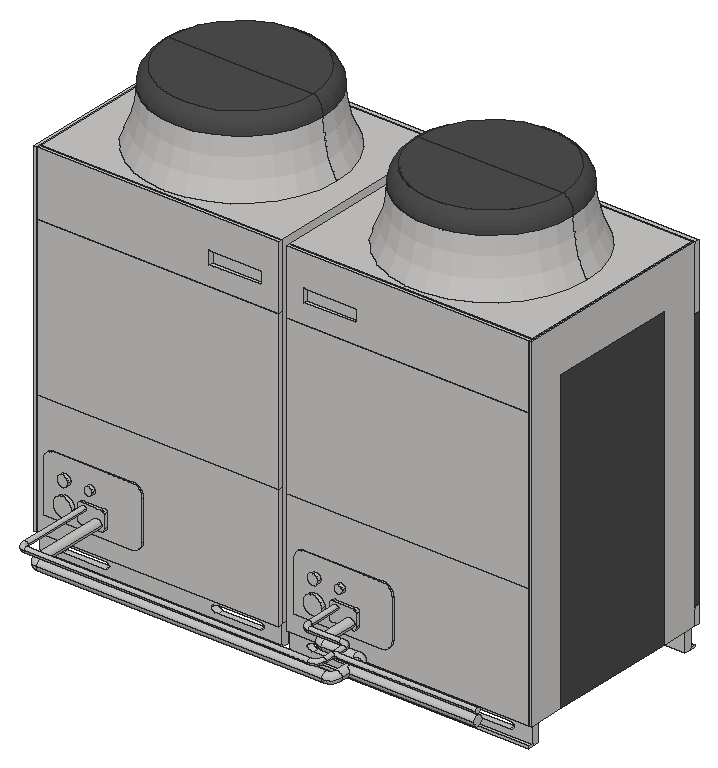
Revit family
Parameters (values of type "PUHY-P144TSHMU-A")
  Outdoor Unit2-Width = 920.000 mm
  Outdoor Unit1-Width = 920.000 mm
  URL = ""
  Type Comments = "2xPUHY-P72THMU-A "
  Subcategory = "HVAC"  # constant formula
  Specification URL = "http://www.mrslim.com/customerCare/resources.asp"
  Sound Pressure Levels (dB(A)) = "61"
  SmartBIM Object Version = 3  # constant formula
  SmartBIM Object Created By = "Reed Construction Data"  # constant formula
  Refrigerant Type = "R410A"  # constant formula
  Refrigerant Charge = "2x19lbs 13oz"
  Refrigerant Service Valve (Liquid) Radius = 28.600 mm
  Refrigerant Service Valve (Gas) Radius = 12.700 mm
  Manufacturer URL = "http://www.mrslim.com/customerCare/resources.asp"
  Installation URL = "http://www.mrslim.com/customerCare/resources.asp"
  Heating Capacity (BTU) = "160000"
  External Material = Pre-coated Galvanized-steel Sheets
  Cooling Capacity (BTU) = "144000"
  Inverter Protection Device = "Overheat / Overcurrent Protection"  # constant formula
  High-pressure Protection Device = "601 psi / 4.15 MPa"  # constant formula
  Fan Direct-drive Inverter Motor Output = "0.92kW"  # constant formula
  Fan Compressor Operating Range = "9% to 100%"  # constant formula
  Description = "T/YHMU Outdoor Units"  # constant formula
  Compressor / Fan Protection Device = "Overheat Protection / Thermal Switch"  # constant formula
  Power Supply Unit = 15.000 mm
  Power Source = "208/230, 3, 60"
  Heating Power Input = "14.73 kW"
  Cooling Power Input = "14.11 kW"
  Unit Weight (LBS) = "2x441"
  Refrigerant Pipe diameter (Gas) = "1-1/8"
  Refrigerant Pipe diameter (Liquid) = "1/2\""
  Model = "PUHY-P144TSHMU-A"
  Manufacturer = "Mitsubishi Electric"  # constant formula
  Lubricant = "MEL32"  # constant formula
  Left Air Inlet Width = 500.000 mm
  Left Air Inlet Height = 1000.000 mm
  Indoor Unit Total Capacity = "50 to 130% of ODUs"  # constant formula
  Indoor Unit Model/Quantity = "P06 ~ P96 / 1 to 31"  # constant formula
  Height = 1650.000 mm
  Heating Outdoor = "-4° ~ +60°F (-20° ~ +16°C) WB"  # constant formula
  MCA = "2x23/21"
  MOCP = "2x30/30"
  External Finish = Pre-coated Galvanized-steel Sheets
  Depth = 760.000 mm
  Default Elevation = 1219.200 mm
  Cooling Outdoor = "23° ~ 109°F (-5° ~ +43°C) DB"  # constant formula
  Fan Type x Quantity = "Propeller Fan x 1"  # constant formula
  Heating Current (208/230V) = "45.4 / 41.0 A"
  Cooling Current (208/230V) = "43.5 / 39.3 A"
  Compressor Type = "Inverter scroll hermetic"
  Fan Compressor Motor Output = "6.8 kW"
  Fan Airflow Rate = "7.050 CFM"  # constant formula
  Fan Compressor Crankcase Heater = "0.051 kW"
  Back Air Inlet Width = [Outdoor Unit1-Width] - 220.000 mm  # 700.000 mm
  Back Air Inlet Unit2-Width = 700.000 mm
  Assembly Code = "D3050200"
  Air Outlet Radius = 386.000 mm
  Air Outlet Unit Material = Metal Grille
  Air Inlet Unit Material = Grille
  Air Inlet Radius = 275.000 mm
  Air Inlet Height = 600.000 mm
  Back Air Inlet Height = 1000.000 mm
  95 CSI = "15670"  # constant formula
  04 CSI = "23 81 26"  # constant formula
Types (5, lengths in mm): name | Outdoor Unit2-Width | Outdoor Unit1-Width | Type Comments | Sound Pressure Levels (dB(A)) | Refrigerant Charge | Refrigerant Service Valve (Gas) Radius | Heating Capacity (BTU) | Cooling Capacity (BTU) | Heating Power Input | Cooling Power Input | Unit Weight (LBS) | Refrigerant Pipe diameter (Liquid) | Model | Height | MCA | MOCP | Heating Current (208/230V) | Cooling Current (208/230V) | Fan Compressor Motor Output | Back Air Inlet Width | Back Air Inlet Unit2-Width
  PUHY-P144TSHMU-A | 920.000 | 920.000 | "2xPUHY-P72THMU-A " | "61" | "2x19lbs 13oz" | 12.700 | "160000" | "144000" | "14.73 kW" | "14.11 kW" | "2x441" | "1/2\"" | "PUHY-P144TSHMU-A" | 1650.000 | "2x23/21" | "2x30/30" | "45.4 / 41.0 A" | "43.5 / 39.3 A" | "6.8 kW" | 700.000 | 700.000
  PUHY-P168TSHMU-A | 920.000 | 920.000 | "1xPUHY-P72THMU-A ,1xPUHY-P96THMU-A" | "61" | "2x19lbs 13oz" | 15.900 | "188000" | "168000" | "15.38 kW" | "15.84 kW" | "2x441" | "5/8\"" | "PUHY-P168TSHMU-A" | 1650.000 | "1x23/21,1x35/32" | "1x30/30,1x40/40" | "47.4 / 42.8 A" | "48.8 / 44.1 A" | "5.1 kW" | 700.000 | 720.000
  PUHY-P192TSHMU-A | 920.000 | 1220.000 | "1xPUHY-P72THMU-A,1xPUHY-P120THMU-A" | "62.5" | "1x19lbs 3oz,1x25lbs 6oz" | 15.900 | "200000" | "192000" | "15.38 kW" | "15.84 kW" | "1x441,1x541" | "5/8\"" | "PUHY-P192TSHMU-A" | 1650.000 | "1x23/21,1x38/41" | "1x23/21,1x38/41" | "47.4 / 42.8 A" | "48.8 / 44.1 A" | "5.1 kW" | 1000.000 | 1000.800
  PUHY-P216TSHMU-A | 1220.000 | 920.000 | "1xPUHY-P96THMU-A,1xPUHY-P120THMU-A" | "62.5" | "1x19lbs 3oz,1x25lbs 6oz" | 15.900 | "228000" | "216000" | "19.07 kW" | "20.82 kW" | "1x441,1x541" | "5/8\"" | "PUHY-P216TSHMU-A" | 1574.000 | "1x35/32,1x38/41" | "1x40/40,1x50/50" | "58.8 / 53.1 A" | "64.2 / 58.0 A" | "8.8 kW" | 700.000 | 1000.800
  PUHY-P240TSHMU-A | 1220.000 | 1220.000 | "2xPUHY-P120THMU-A" | "63" | "2x25lbs 6oz" | 15.900 | "240000" | "240000" | "18.42 kW" | "19.09 kW" | "2x541" | "5/8\"" | "PUHY-P240TSHMU-A" | 1574.000 | "2x38/41" | "2x50/50" | "56.8 / 51.3 A" | "58.8 / 53.2 A" | "6.8 kW" | 1000.000 | 1000.800
Reference planes
  plane 1 "Center (Front/Back)": y = 0
  plane 2: z = 0
  plane 3 "Top": z = 1650
  plane 4 "Back": y = 380
  plane 5 "Front": y = -380
  plane 6 "Left": x = 150.038
  plane 7: x = 1070.038
  plane 8: z = 1775.012
  plane 9: z = 1385
  plane 10: z = 78
  plane 11: z = 592.8
  plane 12: z = 1299.8
  plane 13: x = 1100.038
  plane 14 "Right": x = 2020.038
Forms (mm)
  Extrusion 1, solid, material "Pre-coated Galvanized-steel Sheets"
    sketch origin (-460.401, -402.378, 324.3) x (0, 0, -1) y (1, 0, 0)
      loop
        circle (28.271, 1673.147) r 20
      loop
        circle (28.271, 1771.147) r 15
      loop
        circle (116.271, 1673.147) r 34.9
      loop
        line (88.151, 1737.806) -> (135.151, 1737.806)
        arc (135.151, 1737.806) -> (143.99, 1741.467) -> (147.651, 1750.306) r 12.5
        line (147.651, 1750.306) -> (147.651, 1827.306)
        arc (147.651, 1827.306) -> (143.99, 1836.145) -> (135.151, 1839.806) r 12.5
        line (135.151, 1839.806) -> (88.151, 1839.806)
        arc (88.151, 1839.806) -> (79.312, 1836.145) -> (75.651, 1827.306) r 12.5
        line (75.651, 1827.306) -> (75.651, 1750.306)
        arc (75.651, 1750.306) -> (79.312, 1741.467) -> (88.151, 1737.806) r 12.5
    from -1.607 to 11.145
  Sweep 2, solid, material "Pre-coated Galvanized-steel Sheets" <- "External Finish"
    path origin (1222.638, 1.875, 196.98) x (-1, 0, 0) y (0, -1, 0)
      loop
        line (829.54, 415.064) -> (829.54, 690.064)
        arc (829.54, 690.064) -> (822.217, 707.741) -> (804.54, 715.064) r 25
        line (804.54, 715.064) -> (-278.54, 715.064)
        arc (-278.54, 715.064) -> (-296.217, 707.741) -> (-303.54, 690.064) r 25
        line (-303.54, 690.064) -> (-303.54, 590.064)
        arc (-303.54, 590.064) -> (-296.217, 572.386) -> (-278.54, 565.064) r 25
        line (-278.54, 565.064) -> (-156.492, 565.064)
        arc (-156.492, 565.064) -> (-138.814, 557.741) -> (-131.492, 540.064) r 25
        line (-131.492, 540.064) -> (-131.492, 415.064)
    profile origin (393.098, -550.689, 196.98) x (1, 0, 0) y (0, 0, 1)
      loop
        circle (0, 0) r 17.5
  Sweep 3, solid, material "Pre-coated Galvanized-steel Sheets" <- "External Finish"
    path origin (1154.629, -0.647, 213.855) x (-1, 0, 0) y (0, -1, 0)
      loop
        line (811.98, 412.542) -> (811.98, 690.064)
        arc (811.98, 690.064) -> (804.658, 707.741) -> (786.98, 715.064) r 25
        line (786.98, 715.064) -> (-290.133, 715.064)
        arc (-290.133, 715.064) -> (-310.056, 706.811) -> (-318.308, 686.889) r 28.175
        line (-318.308, 686.889) -> (-318.308, 593.239)
        arc (-318.308, 593.239) -> (-310.056, 573.316) -> (-290.133, 565.064) r 28.175
        line (-290.133, 565.064) -> (-171.26, 565.064)
        arc (-171.26, 565.064) -> (-153.582, 557.741) -> (-146.26, 540.064) r 25
        line (-146.26, 540.064) -> (-146.26, 412.542)
    profile origin (342.649, -551.949, 213.855) x (1, 0, 0) y (0, 0, 1)
      loop
        circle (0, 17.656) r 9.5
  Sweep 4, solid, material "Pre-coated Galvanized-steel Sheets" <- "External Finish"
    path origin (0, 0, 0) x (1, 0, 0) y (0, 1, 0)
      loop
        line (1526.177, -639.307) -> (2020.038, -639.307)
    profile origin (1773.108, -639.307, 0) x (0, 1, 0) y (0, 0, 1)
      loop
        circle (0, 196.98) r 17.5
  Sweep 5, solid, material "Pre-coated Galvanized-steel Sheets" <- "External Finish"
    path origin (-62.498, 0, 0) x (1, 0, 0) y (0, 1, 0)
      loop
        line (1527.943, -639.307) -> (2082.536, -639.307)
    profile origin (1742.741, -639.307, 0) x (0, 1, 0) y (0, 0, 1)
      loop
        circle (0, 231.5) r 9.327
  Extrusion 6, solid, material "Pre-coated Galvanized-steel Sheets" <- "External Finish"
    sketch origin (1050.034, -396.299, 67.236) x (1, 0, 0) y (0, 0, 1)
      loop
        arc (120.004, 304) -> (91.719, 292.284) -> (80.004, 264) r 40
        line (80.004, 264) -> (80.004, 75.564) -> (415.004, 75.564)
        arc (415.004, 75.564) -> (443.288, 87.279) -> (455.004, 115.564) r 40
        line (455.004, 115.564) -> (455.004, 264)
        arc (455.004, 264) -> (443.288, 292.284) -> (415.004, 304) r 40
        line (415.004, 304) -> (120.004, 304)
    from -0.299 to 4.472
  Extrusion 7, solid, material "Pre-coated Galvanized-steel Sheets"
    sketch origin (-179.966, -400.771, 67.236) x (1, 0, 0) y (0, 0, 1)
      loop
        circle (442.711, 140.793) r 34.9
      loop
        circle (442.711, 228.793) r 20
      loop
        circle (540.711, 228.793) r 15
    from 0 to 12.5
  Extrusion 8, solid, material "Pre-coated Galvanized-steel Sheets" <- "External Finish"
    sketch origin (-200.754, -396.299, 70.661) x (1, 0, 0) y (0, 0, 1)
      loop
        arc (420.792, 304) -> (392.507, 292.284) -> (380.792, 264) r 40
        line (380.792, 264) -> (380.792, 75.564) -> (715.792, 75.564)
        arc (715.792, 75.564) -> (744.076, 87.279) -> (755.792, 115.564) r 40
        line (755.792, 115.564) -> (755.792, 264)
        arc (755.792, 264) -> (744.076, 292.284) -> (715.792, 304) r 40
        line (715.792, 304) -> (420.792, 304)
    from -0.299 to 4.472
  Extrusion 9, solid, material "Pre-coated Galvanized-steel Sheets"
    sketch origin (-200.754, -400.771, 70.661) x (1, 0, 0) y (0, 0, 1)
      loop
        line (520.792, 165.488) -> (520.792, 118.488)
        arc (520.792, 118.488) -> (524.453, 109.649) -> (533.292, 105.988) r 12.5
        line (533.292, 105.988) -> (611.238, 105.988)
        arc (611.238, 105.988) -> (619.408, 109.372) -> (622.792, 117.541) r 11.553
        line (622.792, 117.541) -> (622.792, 166.435)
        arc (622.792, 166.435) -> (619.408, 174.604) -> (611.238, 177.988) r 11.553
        line (611.238, 177.988) -> (533.292, 177.988)
        arc (533.292, 177.988) -> (524.453, 174.327) -> (520.792, 165.488) r 12.5
    from 0 to 12.5
Cuts and joins
  joined: Sweep 2, Sweep 4
  joined: Sweep 3, Sweep 5
Dimensions and locks
  "Height": plane 3 "Top" to level
  equal spacing: plane 5 "Front", plane 1 "Center (Front/Back)", plane 4 "Back"
  "Depth": plane 5 "Front" to plane 4 "Back"
  plane 3 "Top" to plane 9 = 265.000 mm
  plane 10 to level = 78.000 mm
  plane 11 to plane 10 = 514.800 mm
  plane 9 to level = 1385.000 mm
  locked: plane 7 to plane 13 at 30
  locked: plane 13 to Sweep 4 sketch curve at 426.139
  locked: Sweep 4 sketch curve to plane 5 "Front" at 259.307
  locked: Sweep 4 sketch curve to level at 196.98
  plane 13 to Sweep 3 sketch curve to Sweep 3 sketch curve = 200.851 mm locked, 172.048 mm locked
  locked: Sweep 3 sketch curve to plane 5 "Front" at 335.71
  locked: plane 6 "Left" to Sweep 3 sketch curve at 192.611
  plane 6 "Left" to Sweep 2 sketch curve = 243.060 mm
  plane 13 to Sweep 2 sketch curve to Sweep 2 sketch curve = 254.091 mm locked, 172.048 mm locked
  locked: Sweep 2 sketch curve to plane 5 "Front" at 333.189
  locked: plane 13 to Sweep 5 sketch curve at 365.406
  "Outdoor Unit2-Width": plane 13 to plane 14 "Right"
  "Outdoor Unit1-Width": plane 6 "Left" to plane 7
  locked: Extrusion 6 sketch curve to Extrusion 6 sketch curve at 375
  locked: Extrusion 6 sketch curve to Extrusion 6 sketch curve at 228.436
  locked: Extrusion 6 sketch curve to plane 7 at 60
  locked: plane 6 "Left" to Extrusion 7 sketch curve at 112.708  (x2)
  locked: plane 6 "Left" to Extrusion 7 sketch curve at 210.708
  Extrusion 1 sketch curve to Extrusion 1 sketch curve to Extrusion 1 sketch curve = 98.000 mm locked, 0.000 mm locked
  locked: Extrusion 1 sketch curve to Extrusion 1 sketch curve at 102
  locked: Extrusion 1 sketch curve to Extrusion 1 sketch curve at 72
  locked: Extrusion 8 sketch curve to Extrusion 8 sketch curve at 375
  locked: Extrusion 8 sketch curve to Extrusion 8 sketch curve at 228.436
  locked: plane 6 "Left" to Extrusion 8 sketch curve at 30
  locked: Extrusion 9 sketch curve to Extrusion 9 sketch curve at 102
  locked: Extrusion 9 sketch curve to Extrusion 9 sketch curve at 72
  locked: plane 6 "Left" to Extrusion 9 sketch curve at 170
  radius of Sweep 4 sketch curve = 17.500 mm
  radius of Extrusion 7 sketch curve = 15.000 mm
  radius of Extrusion 7 sketch curve = 20.000 mm
  radius of Extrusion 7 sketch curve = 34.900 mm
  aligned and locked: plane 7 to nested 1  (x2)
  aligned and locked: Sweep 4 sketch curve to plane 14 "Right"
  aligned and locked: Sweep 5 sketch curve to plane 14 "Right"
  aligned and locked: Extrusion 1 to Extrusion 6
  aligned and locked: plane 14 "Right" to nested 2
Automatic sketch dimensions
  Extrusion 1 sketch curve to Extrusion 1 sketch curve = 0.000 mm  (x7)
  plane 10 to Extrusion 1 sketch curve = 218.029 mm
  Extrusion 1 sketch curve to Extrusion 1 sketch curve = 47.380 mm
  Extrusion 1 sketch curve to Extrusion 1 sketch curve = 12.500 mm  (x4)
  Extrusion 1 sketch curve to Extrusion 1 sketch curve = 28.120 mm
  plane 13 to Extrusion 1 sketch curve = 77.808 mm
  Extrusion 1 sketch curve to Extrusion 1 sketch curve = 14.900 mm
  Extrusion 1 sketch curve to Extrusion 1 sketch curve = 34.900 mm
  Extrusion 1 sketch curve to Extrusion 1 sketch curve = 29.759 mm
  Extrusion 1 sketch curve to Extrusion 1 sketch curve = 15.000 mm
  Sweep 2 sketch curve to Sweep 2 sketch curve = 25.000 mm  (x4)
  Sweep 2 sketch curve to Sweep 2 sketch curve = 100.000 mm
  plane 5 "Front" to Sweep 2 sketch curve = 33.189 mm  (x2)
  Sweep 2 sketch curve to profile plane = 0.000 mm  (x2)
  Sweep 3 sketch curve to Sweep 3 sketch curve = 28.175 mm  (x2)
  Sweep 3 sketch curve to Sweep 3 sketch curve = 25.000 mm  (x2)
  Sweep 3 sketch curve to Sweep 3 sketch curve = 93.650 mm
  plane 5 "Front" to Sweep 3 sketch curve = 33.189 mm  (x2)
  Sweep 3 sketch curve to profile plane = 0.000 mm
  profile plane to Sweep 3 sketch curve = 17.656 mm
  Sweep 4 sketch curve to profile plane = 0.000 mm
  Sweep 5 sketch curve to profile plane = 0.000 mm
  level to Sweep 5 sketch curve = 231.500 mm
  Extrusion 6 sketch curve to Extrusion 6 sketch curve = 40.000 mm  (x3)
  plane 10 to Extrusion 6 sketch curve = 64.800 mm
  Extrusion 7 sketch curve to Extrusion 7 sketch curve = 0.000 mm  (x4)
  plane 10 to Extrusion 7 sketch curve = 130.029 mm
  Extrusion 7 sketch curve to Extrusion 7 sketch curve = 88.000 mm
  Extrusion 8 sketch curve to Extrusion 8 sketch curve = 40.000 mm  (x3)
  plane 10 to Extrusion 8 sketch curve = 68.224 mm
  Extrusion 9 sketch curve to Extrusion 9 sketch curve = 12.500 mm  (x2)
  Extrusion 9 sketch curve to Extrusion 9 sketch curve = 11.553 mm  (x2)
  Extrusion 9 sketch curve to Extrusion 8 = 30.424 mm
  plane 5 "Front" to Sweep 5 sketch curve = 259.307 mm
  radius of Sweep 2 sketch curve = 17.500 mm
  radius of Sweep 3 sketch curve = 9.500 mm
  radius of Sweep 5 sketch curve = 9.327 mm
Nested families
  nested 1: "Out-Door-Unit" at (607.964, 0.299, 0), type "Out-Door-Unit-1"
  nested 2: "Out-Door-Unit" at (1562.112, 0.299, -3.424) x (-1, 0, 0) z (0, 0, 1), type "Out-Door-Unit-2"
Connectors
  piping at (2020.038, -639.307, 196.98)
    settings: on Sweep 4, index 22
  piping at (2020.038, -639.307, 231.5)
    settings: on Sweep 5, index 26
Definition of nested family "Out-Door-Unit"
  Parameters (values of type "Out-Door-Unit-2")
    Width = 920.000 mm
    Refig Service Valve (Liquid) Radius = 28.600 mm
    Refig Service Valve (Gas) Radius = 12.700 mm
    Power Supply Unit = 15.000 mm
    Power Outlet Radius = 386.000 mm
    Left Air Inlet Width = 500.000 mm
    Left Air Inlet Height = 1000.000 mm
    Height = 1650.000 mm
    External Material = Pre-coated Galvanized-steel Sheets
    Depth = 760.000 mm
    Back Air Inlet Width = 700.000 mm
    Assembly Code = ""
    Air Outlet Unit Radius = 386.000 mm
    Air Outlet Unit Material = Metal Grille
    Air Inlet Radius = 275.000 mm  # constant formula
    Air Inlet Unit Material = Grille
    Air Inlet Height = 600.000 mm
    Air Inlet Bck Unit Height = 1000.000 mm
  Types (2, lengths in mm): name | Power Outlet Radius
    Out-Door-Unit-2 | 386.000
    Out-Door-Unit-1 | 20.000
  Reference planes
    plane 1 "Center (Front/Back)": y = -0.299
    plane 2: z = 0
    plane 3 "Center (Left/Right)": x = 2.074
    plane 4: x = -457.926
    plane 5: x = 462.074
    plane 6: y = 379.701
    plane 7: y = -380.299
    plane 8: z = 1650
    plane 9: z = 692.5
    plane 10: z = 1385
    plane 11: z = 78
    plane 12: y = -263.299
    plane 13: y = -370.299
    plane 14: y = 262.701
    plane 15: z = 1142.8
    plane 16: z = 542.8
    plane 17: y = -396.299
    plane 18: y = 395.701
    plane 19: z = 842.8
    plane 20: y = 369.701
    plane 21: z = 1585
    plane 22: z = 142.8
    plane 23: x = -467.926
    plane 24: x = 277.074
    plane 25: z = 1214.6
    plane 26: y = 297.901
    plane 27: z = 142.8
    plane 28: z = 37.8
  Forms (mm)
    Extrusion 1, solid, material "Pre-coated Galvanized-steel Sheets" <- "External Material"
      sketch origin (0, 0, 0) x (1, 0, 0) y (0, 1, 0)
        loop
          line (-457.926, 379.701) -> (-457.926, -380.299) -> (462.074, -380.299) -> (462.074, 379.701) -> (-457.926, 379.701)
      from 78 to 1385
    Revolve 2, solid, material "Pre-coated Galvanized-steel Sheets" <- "External Material"
      sketch origin (0, -0.299, 0) x (1, 0, 0) y (0, 0, 1)
        loop
          line (2.074, 1385) -> (365.074, 1385)
          arc (365.074, 1385) -> (325.874, 1481.578) -> (312.923, 1585) r 400.502
          line (312.923, 1585) -> (2.074, 1585) -> (2.074, 1385)
        axis (2.074, 1385) -> (2.074, 1585)
      angle from 0 to 360
    Revolve 3, solid, material "Metal Grille" <- "Air Outlet Unit Material"
      sketch origin (0, -0.299, 0) x (1, 0, 0) y (0, 0, 1)
        loop
          line (2.074, 1585) -> (313.062, 1585)
          arc (313.062, 1585) -> (305.162, 1623.089) -> (277.074, 1650) r 65.574
          line (277.074, 1650) -> (2.074, 1650) -> (2.074, 1585)
        axis (2.074, 1585) -> (2.074, 1650)
      angle from 0 to 360
    Extrusion 4, solid, material "Pre-coated Galvanized-steel Sheets" <- "External Material"
      sketch origin (0, 0, 0) x (1, 0, 0) y (0, 1, 0)
        loop
          line (-457.926, -396.299) -> (462.074, -396.299) -> (462.074, -380.299) -> (-457.926, -380.299) -> (-457.926, -396.299)
      from 1142.8 to 1385
    Extrusion 5, solid, material "Pre-coated Galvanized-steel Sheets" <- "External Material"
      sketch origin (0, 0, 0) x (1, 0, 0) y (0, 1, 0)
        loop
          line (-457.926, -380.299) -> (-457.926, -396.299) -> (462.074, -396.299) -> (462.074, -380.299) -> (-457.926, -380.299)
      from 542.8 to 1142.8
    Extrusion 6, solid, material "Pre-coated Galvanized-steel Sheets" <- "External Material"
      sketch origin (0, 0, 0) x (1, 0, 0) y (0, 1, 0)
        loop
          line (-457.926, -380.299) -> (-457.926, -396.299) -> (462.074, -396.299) -> (462.074, -380.299) -> (-457.926, -380.299)
      from 78 to 542.8
    Extrusion 7, solid, material "Pre-coated Galvanized-steel Sheets" <- "External Material"
      sketch origin (0, 0, 0) x (1, 0, 0) y (0, 1, 0)
        loop
          line (-467.926, 395.701) -> (-467.926, 379.701) -> (462.074, 379.701) -> (462.074, 395.701) -> (-467.926, 395.701)
      from 78 to 142.8
    Extrusion 8, solid, material "Pre-coated Galvanized-steel Sheets" <- "External Material"
      sketch origin (0, 0, 0) x (1, 0, 0) y (0, 1, 0)
        loop
          line (-467.926, 379.701) -> (462.074, 379.701) -> (462.074, 395.701) -> (-467.926, 395.701) -> (-467.926, 379.701)
      from 1142.8 to 1385
    Extrusion 9, solid, material "Grille" <- "Air Inlet Unit Material"
      sketch origin (451.888, 0, 0) x (1, 0, 0) y (0, 1, 0)
        loop
          line (-919.814, 395.701) -> (-919.814, 379.701) -> (10.186, 379.701) -> (10.186, 395.701) -> (-919.814, 395.701)
      from 142.8 to 1142.8
    Extrusion 10, void
      sketch origin (0, -0.299, 0) x (1, 0, 0) y (0, 0, 1)
        loop
          line (197.616, 1265.985) -> (197.616, 1215.985) -> (397.616, 1215.985) -> (397.616, 1265.985) -> (197.616, 1265.985)
      from 380 to 396
    Extrusion 11, solid, material "Grille" <- "Air Inlet Unit Material"
      sketch origin (2.074, 0, 0) x (0, 1, 0) y (0, 0, 1)
        loop
          line (236.701, 1214.6) -> (-263.299, 1214.6) -> (-263.299, 78) -> (236.701, 78) -> (236.701, 1214.6)
      from -470 to -460
    Extrusion 12, solid, material "Pre-coated Galvanized-steel Sheets" <- "External Material"
      sketch origin (-16, -16.299, 24) x (1, 0, 0) y (0, 0, 1)
        loop
          line (-441.926, -24) -> (478.074, -24) -> (478.074, 54) -> (-441.926, 54) -> (-441.926, -24)
      from 364 to 339
    Extrusion 13, solid, material "Pre-coated Galvanized-steel Sheets" <- "External Material"
      sketch origin (-16, 22.201, 24) x (1, 0, 0) y (0, 0, -1)
        loop
          line (-441.926, 24) -> (-441.926, -54) -> (478.074, -54) -> (478.074, 24) -> (-441.926, 24)
      from 348 to 323
    Extrusion 14, solid, material "Pre-coated Galvanized-steel Sheets" <- "External Material"
      sketch origin (-13.926, 0, 24) x (0, 1, 0) y (0, 0, 1)
        loop
          line (389.995, -24) -> (389.995, -17.645) -> (369.701, -17.645) -> (369.701, -24) -> (389.995, -24)
        loop
          line (-396.093, -24) -> (-380.093, -24) -> (-380.093, -16.848) -> (-396.093, -16.848) -> (-396.093, -24)
      from -444 to 476
    Extrusion 15, void
      sketch origin (-21.6, -16.299, 12.378) x (-1, 0, 0) y (0, 0, -1)
        loop
          line (191.596, -45.772) -> (348.574, -45.772)
          arc (348.574, -45.772) -> (362.426, -41.584) -> (371.636, -30.422) r 25
          arc (371.636, -30.422) -> (362.426, -19.261) -> (348.574, -15.073) r 25
          line (348.574, -15.073) -> (191.596, -15.073)
          arc (191.596, -15.073) -> (177.744, -19.261) -> (168.533, -30.422) r 25
          arc (168.533, -30.422) -> (177.744, -41.584) -> (191.596, -45.772) r 25
      from 339 to 364
    Extrusion 16, void
      sketch origin (25.747, -16.299, 12.378) x (1, 0, 0) y (0, 0, 1)
        loop
          arc (191.596, 45.772) -> (177.744, 41.584) -> (168.533, 30.422) r 25
          arc (168.533, 30.422) -> (177.744, 19.261) -> (191.596, 15.073) r 25
          line (191.596, 15.073) -> (348.574, 15.073)
          arc (348.574, 15.073) -> (362.426, 19.261) -> (371.636, 30.422) r 25
          arc (371.636, 30.422) -> (362.426, 41.584) -> (348.574, 45.772) r 25
          line (348.574, 45.772) -> (191.596, 45.772)
      from 339 to 364
    Extrusion 17, void
      sketch origin (-21.6, 15.701, 12.378) x (-1, 0, 0) y (0, 0, 1)
        loop
          arc (191.596, 45.772) -> (177.744, 41.584) -> (168.533, 30.422) r 25
          arc (168.533, 30.422) -> (177.744, 19.261) -> (191.596, 15.073) r 25
          line (191.596, 15.073) -> (348.574, 15.073)
          arc (348.574, 15.073) -> (362.426, 19.261) -> (371.636, 30.422) r 25
          arc (371.636, 30.422) -> (362.426, 41.584) -> (348.574, 45.772) r 25
          line (348.574, 45.772) -> (191.596, 45.772)
      from 322.727 to 364
    Extrusion 18, void
      sketch origin (25.747, 15.701, 12.378) x (1, 0, 0) y (0, 0, -1)
        loop
          line (191.596, -45.772) -> (348.574, -45.772)
          arc (348.574, -45.772) -> (362.426, -41.584) -> (371.636, -30.422) r 25
          arc (371.636, -30.422) -> (362.426, -19.261) -> (348.574, -15.073) r 25
          line (348.574, -15.073) -> (191.596, -15.073)
          arc (191.596, -15.073) -> (177.744, -19.261) -> (168.533, -30.422) r 25
          arc (168.533, -30.422) -> (177.744, -41.584) -> (191.596, -45.772) r 25
      from 322.727 to 364
    Extrusion 19, solid, material "Pre-coated Galvanized-steel Sheets" <- "External Material"
      sketch origin (-457.926, 1163.438, 1219.2) x (0, 1, 0) y (0, 0, 1)
        loop
          line (-783.737, 165.8) -> (-1559.737, 165.8) -> (-1559.737, -1141.2) -> (-1426.737, -1141.2) -> (-1426.737, -4.6) -> (-926.737, -4.6) -> (-926.737, -1141.2) -> (-783.737, -1141.2) -> (-783.737, 165.8)
      from 0 to -10
  Cuts and joins
    Extrusion 10 cuts Extrusion 1
    Extrusion 15, Extrusion 16, Extrusion 17, Extrusion 18 cuts Extrusion 12
    Extrusion 17, Extrusion 18 cuts Extrusion 13
    Extrusion 10 cuts Extrusion 4
  Dimensions and locks
    equal spacing: plane 4, plane 3 "Center (Left/Right)", plane 5
    "Width": plane 4 to plane 5
    equal spacing: plane 6, plane 1 "Center (Front/Back)", plane 7
    "Depth": plane 6 to plane 7
    locked: plane 8 to Revolve 2 sketch curve at 65
    locked: plane 12 to plane 7 at 117
    locked: plane 13 to plane 7 at 10
    locked: plane 6 to plane 14 at 117
    locked: plane 7 to plane 17 at 16
    locked: plane 18 to plane 6 at 16
    equal spacing: plane 15, plane 19, plane 16
    "Air Inlet Height": plane 15 to plane 16
    locked: plane 6 to plane 20 at 10
    locked: plane 21 to plane 10 at 200
    locked: plane 8 to plane 21 at 65
    plane 8 to plane 10 = 265.000 mm
    "Height": plane 8 to level
    equal spacing: plane 10, plane 9, level
    plane 10 to level = 1385.000 mm
    locked: Extrusion 10 sketch curve to Extrusion 10 sketch curve at 50
    locked: Extrusion 10 sketch curve to Extrusion 10 sketch curve at 200
    "Air Inlet Bck Unit Height": plane 22 to plane 15
    locked: plane 4 to plane 23 at 10
    "Air Inlet Radius": Revolve 3 sketch curve to plane 3 "Center (Left/Right)"
    "Air Inlet Radius": plane 24 to plane 3 "Center (Left/Right)"
    locked: Revolve 2 sketch curve to plane 24 at 88
    locked: Revolve 2 sketch curve to plane 24 at 35.849
    locked: plane 10 to plane 25 at 170.4
    locked: plane 26 to plane 1 "Center (Front/Back)" at 298.2
    locked: plane 27 to plane 11 at 64.8
    "Left Air Inlet Width": Extrusion 11 sketch curve to Extrusion 11 sketch curve
    locked: plane 11 to plane 28 at 40.2
    locked: Extrusion 15 sketch curve to Extrusion 15 sketch curve at 30.7
    locked: Extrusion 15 sketch curve to Extrusion 15 sketch curve at 203.103
    locked: cut or joined group of Extrusion 12, Extrusion 15, Extrusion 16, Extrusion 17, Extrusion 18 to Extrusion 15 sketch curve at 64.69
    locked: Extrusion 16 sketch curve to Extrusion 16 sketch curve at 30.7
    locked: Extrusion 16 sketch curve to Extrusion 16 sketch curve at 203.103
    locked: plane 5 to Extrusion 16 sketch curve at 64.69
    locked: Extrusion 17 sketch curve to Extrusion 17 sketch curve at 30.7
    locked: Extrusion 17 sketch curve to Extrusion 17 sketch curve at 203.103
    locked: Extrusion 18 sketch curve to Extrusion 18 sketch curve at 30.7
    locked: Extrusion 18 sketch curve to Extrusion 18 sketch curve at 203.103
    locked: Extrusion 13 to Extrusion 18 sketch curve at 64.69
    locked: Extrusion 13 to Extrusion 17 sketch curve at 64.69
    aligned and locked: Extrusion 1 sketch curve to plane 4
    aligned and locked: Extrusion 1 sketch curve to plane 6
    aligned and locked: Extrusion 1 sketch curve to plane 5
    aligned and locked: Extrusion 1 sketch curve to plane 7
    aligned and locked: plane 10 to Extrusion 1
    aligned and locked: Revolve 3 sketch curve to Revolve 2
    aligned and locked: Revolve 3 sketch curve to plane 8
    aligned and locked: Extrusion 1 to plane 11
    aligned and locked: Extrusion 4 sketch curve to plane 17
    aligned and locked: Extrusion 4 sketch curve to plane 7
    aligned and locked: Extrusion 4 sketch curve to plane 4
    aligned and locked: Extrusion 4 sketch curve to plane 5
    aligned and locked: Extrusion 1 to Extrusion 4
    aligned and locked: Extrusion 4 to plane 15
    aligned and locked: Extrusion 5 sketch curve to plane 4
    aligned and locked: Extrusion 5 sketch curve to plane 17
    aligned and locked: Extrusion 5 sketch curve to plane 7
    aligned and locked: Extrusion 5 sketch curve to plane 5
    aligned and locked: plane 15 to Extrusion 5
    aligned and locked: Extrusion 5 to plane 16
    aligned and locked: Extrusion 6 sketch curve to plane 4
    aligned and locked: Extrusion 6 sketch curve to plane 7
    aligned and locked: Extrusion 6 sketch curve to plane 17
    aligned and locked: Extrusion 6 sketch curve to plane 5
    aligned and locked: Extrusion 6 to Extrusion 1
    aligned and locked: Extrusion 7 sketch curve to plane 18
    aligned and locked: Extrusion 7 sketch curve to plane 6
    aligned and locked: Extrusion 7 sketch curve to plane 5
    aligned and locked: Extrusion 1 to Extrusion 7
    aligned and locked: Extrusion 8 sketch curve to plane 6
    aligned and locked: Extrusion 8 sketch curve to plane 18
    aligned and locked: Extrusion 8 sketch curve to plane 5
    aligned and locked: Extrusion 9 sketch curve to plane 6
    aligned and locked: plane 15 to Extrusion 9
    aligned and locked: plane 16 to Extrusion 6
    aligned and locked: Extrusion 9 to plane 15
    aligned and locked: Extrusion 8 to plane 15
    aligned and locked: plane 10 to Revolve 2
    aligned and locked: plane 21 to Revolve 2
    aligned and locked: Extrusion 10 to plane 17
    aligned and locked: Extrusion 9 to Extrusion 7
    aligned and locked: plane 7 to Extrusion 10
    aligned and locked: plane 10 to Extrusion 8
    aligned and locked: plane 22 to Extrusion 7
    aligned and locked: plane 18 to Extrusion 9
    aligned and locked: plane 12 to Extrusion 11 sketch curve
    aligned and locked: plane 4 to Extrusion 11
    aligned and locked: Extrusion 11 to plane 23
    aligned and locked: Extrusion 11 sketch curve to plane 25
    aligned and locked: plane 22 to plane 27
    aligned and locked: plane 5 to Extrusion 12
    aligned and locked: Extrusion 12 to plane 4  (x7)
    aligned and locked: Extrusion 14 to plane 4
    aligned and locked: plane 5 to Extrusion 14
    aligned and locked: Extrusion 13 to plane 4
    aligned and locked: plane 4 to Extrusion 14  (x3)
    aligned and locked: plane 5 to Extrusion 13
    aligned and locked: Extrusion 14 to plane 5
    aligned and locked: Extrusion 9 sketch curve to plane 5
    aligned and locked: Extrusion 11 sketch curve to plane 11
    aligned and locked: plane 10 to Extrusion 19 sketch curve
    aligned and locked: plane 17 to Extrusion 19 sketch curve
    aligned and locked: plane 11 to Extrusion 19 sketch curve  (x2)
    aligned and locked: plane 12 to Extrusion 19 sketch curve
    aligned and locked: Extrusion 19 sketch curve to Extrusion 11
    aligned and locked: plane 6 to Extrusion 19 sketch curve
    aligned and locked: plane 25 to Extrusion 19 sketch curve
    aligned and locked: plane 4 to Extrusion 19
    aligned and locked: Extrusion 19 to plane 23
    aligned and locked: Extrusion 9 sketch curve to plane 23
    aligned and locked: Extrusion 8 sketch curve to plane 23
    aligned and locked: Extrusion 7 sketch curve to plane 23
  Automatic sketch dimensions
    Revolve 2 sketch curve to plane 3 "Center (Left/Right)" = 0.000 mm  (x2)
    Revolve 2 sketch curve to plane 10 = 0.000 mm
    Revolve 2 sketch curve to plane 21 = 2.368 mm
    plane 10 to Revolve 2 sketch curve = 60.000 mm
    Revolve 2 sketch curve to Revolve 2 sketch curve = 40.000 mm
    Revolve 3 sketch curve to plane 3 "Center (Left/Right)" = 0.000 mm  (x2)
    plane 21 to Revolve 3 sketch curve = 6.326 mm
    Revolve 3 sketch curve to Revolve 3 sketch curve = 29.281 mm
    Revolve 3 sketch curve to Revolve 3 sketch curve = 20.000 mm
    Revolve 3 sketch curve to Revolve 3 sketch curve = 12.500 mm
    Extrusion 9 sketch curve to plane 18 = 0.000 mm
    plane 15 to Extrusion 10 sketch curve = 73.185 mm
    plane 3 "Center (Left/Right)" to Extrusion 10 sketch curve = 195.542 mm
    Extrusion 12 sketch curve to level = 0.000 mm
    Extrusion 12 sketch curve to plane 4 = 0.000 mm
    Extrusion 12 sketch curve to plane 5 = 0.000 mm
    Extrusion 12 sketch curve to plane 11 = 0.000 mm
    Extrusion 13 sketch curve to level = 0.000 mm
    Extrusion 13 sketch curve to plane 4 = 0.000 mm
    Extrusion 13 sketch curve to plane 5 = 0.000 mm
    Extrusion 13 sketch curve to plane 11 = 0.000 mm
    Extrusion 14 sketch curve to level = 0.000 mm  (x2)
    Extrusion 14 sketch curve to plane 20 = 0.000 mm
    plane 7 to Extrusion 14 sketch curve = 0.206 mm
    plane 17 to Extrusion 14 sketch curve = 0.206 mm
    Extrusion 14 sketch curve to plane 18 = 5.706 mm
    Extrusion 14 sketch curve to Extrusion 14 sketch curve = 6.355 mm
    Extrusion 14 sketch curve to Extrusion 14 sketch curve = 7.152 mm
    plane 28 to Extrusion 15 sketch curve = 10.350 mm
    Extrusion 15 sketch curve to Extrusion 15 sketch curve = 23.062 mm  (x2)
    Extrusion 15 sketch curve to Extrusion 15 sketch curve = 0.000 mm  (x2)
    plane 28 to Extrusion 15 sketch curve = 4.650 mm  (x2)
    Extrusion 16 sketch curve to plane 28 = 10.350 mm
    Extrusion 16 sketch curve to Extrusion 16 sketch curve = 23.062 mm  (x2)
    Extrusion 16 sketch curve to Extrusion 16 sketch curve = 0.000 mm  (x2)
    Extrusion 16 sketch curve to plane 28 = 4.650 mm  (x2)
    plane 28 to Extrusion 17 sketch curve = 5.000 mm
    Extrusion 17 sketch curve to plane 28 = 10.350 mm
    Extrusion 17 sketch curve to Extrusion 17 sketch curve = 23.062 mm  (x2)
    Extrusion 17 sketch curve to Extrusion 17 sketch curve = 0.000 mm  (x2)
    Extrusion 17 sketch curve to plane 28 = 4.650 mm
    plane 28 to Extrusion 18 sketch curve = 5.000 mm
    Extrusion 18 sketch curve to plane 28 = 10.350 mm
    Extrusion 18 sketch curve to Extrusion 18 sketch curve = 23.062 mm  (x2)
    Extrusion 18 sketch curve to Extrusion 18 sketch curve = 0.000 mm  (x2)
    Extrusion 18 sketch curve to Extrusion 18 sketch curve = 5.700 mm
